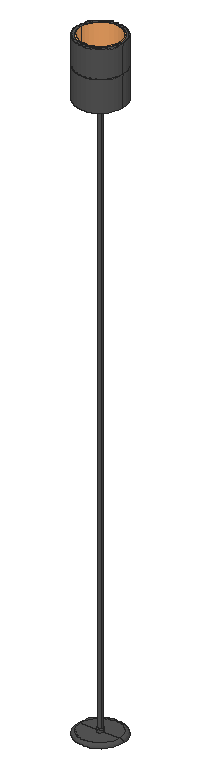
Revit family "MELO CYLINDER PENDANT LIGHT", category Lighting Fixtures, host Face, Revit 2020 (continued)
Types (16): name | Wattage_Input | Wattage Comments | Wattage | Voltage_Input | Size 08 | Size 06 | Size 04 | Selectable Wattage | Photometric Web File | Pendent Rod Length_1 | Pendent | Order number | built-in parameter 1150142 | Model | built-in parameter 1150105 | Lumens | built-in parameter 1150106 | Fixture Diameter | Canopy for Surface Mount J-box | Canopy for Recessed J-Box | Canopy Height | C2 H | C1 H | BEAMING ANGLE
     \r\n 0.15     0.15     0.15     0.15     0.15     0.15     0.16     0.17     0.20     0.23     \r\n 0.24     0.24     0.24     0.24     0.24     0.24     0.24     0.24     0.29     0.31     \r\n 0.31     0.31     0.31     0.31     0.38     0.39     0.39     0.42     0.44     0.53     \r\n 0.54     0.57     0.61     0.69     0.73     0.80     0.84     0.90     0.98     1.05     \r\n 1.13     1.24     1.33     1.43     1.54     1.64     1.77     1.92     2.09     2.30     \r\n 2.55     2.87     3.26     3.77     4.44     5.30     6.38     7.77     9.47     11.39    \r\n 13.62    15.97    18.45    20.90    23.32    25.53    27.45    29.01    30.23    30.96    \r\n 31.29    31.26    30.75    29.90    28.75    27.50    26.19    24.90    23.71    22.68    \r\n 22.70    \r\n74967.09 77269.30 77218.40 74764.04 69567.57 62307.50 54412.70 45617.76 35789.69 27945.33 \r\n 20128.74 14900.95 11157.58 8443.29  6470.16  5071.65  4039.67  3365.95  2695.61  2291.04  \r\n 1992.46  1771.44  1596.45  1450.79  1327.21  1219.88  1125.14  1037.38  961.98   886.60   \r\n 813.04   737.95   678.11   628.57   584.00   537.52   475.32   432.42   389.98   355.76   \r\n 323.42   274.75   225.96   165.87   130.65   110.88   99.40    92.18    87.19    83.25    \r\n 79.36    73.61    64.88    60.39    57.88    55.88    54.19    52.47    50.80    48.72    \r\n 46.00    43.61    41.13    38.98    36.87    34.75    32.69    30.70    28.78    26.92    \r\n 25.11    23.35    21.65    20.04    18.47    16.97    15.55    14.16    12.84    11.57    \r\n 10.39    9.22     8.12     7.05     6.04     5.10     4.17     3.29     2.42     1.61     \r\n 0.82     0.13     0.10     0.11     0.11     0.12     0.11     0.12     0.12     0.13     \r\n 0.14     0.14     0.14     0.15     0.15     0.15     0.17     0.18     0.18     0.18     \r\n 0.19     0.20     0.21     0.21     0.22     0.23     0.24     0.25     0.26     0.27     \r\n 0.28     0.29     0.30     0.31     0.34     0.36     0.39     0.42     0.44     0.49     \r\n 0.52     0.56     0.61     0.66     0.71     0.77     0.83     0.89     0.97     1.04     \r\n 1.12     1.21     1.30     1.40     1.50     1.62     1.74     1.88     2.04     2.23     \r\n 2.45     2.74     3.09     3.54     4.13     4.94     5.94     7.19     8.77     10.67    \r\n 12.79    15.12    17.59    20.09    22.53    24.80    26.83    28.57    29.88    30.76    \r\n 31.25    31.29    30.97    30.27    29.33    28.19    26.93    25.64    24.47    23.35    \r\n 22.70    \r\n75253.18 77698.98 77769.36 75505.60 70476.38 63051.41 55348.06 46637.11 36730.57 27711.86 \r\n 20420.87 15115.41 11789.67 8480.37  6539.99  5131.72  4114.70  3348.92  2763.58  2330.26  \r\n 2009.22  1772.84  1590.33  1437.89  1321.62  1205.64  1111.79  1023.20  946.50   873.69   \r\n 805.36   731.45   672.25   622.21   578.79   533.99   471.05   428.81   388.33   353.96   \r\n 322.47   293.25   228.53   167.82   139.66   111.78   100.28   92.87    87.74    83.68    \r\n 79.78    74.24    65.21    60.42    57.66    55.54    53.72    52.02    50.31    48.24    \r\n 45.68    43.35    41.20    39.12    37.00    34.91    32.85    30.84    28.94    27.07    \r\n 25.20    23.47    21.76    20.17    18.57    17.10    15.67    14.32    12.98    11.72    \r\n 10.52    9.36     8.27     7.17     6.19     5.21     4.25     3.36     2.43     1.62     \r\n 0.88     0.20     0.16     0.16     0.16     0.16     0.16     0.16     0.16     0.16     \r\n 0.16     0.16     0.16     0.16     0.16     0.16     0.16     0.17     0.17     0.19     \r\n 0.19     0.21     0.21     0.21     0.21     0.21     0.22     0.23     0.24     0.26     \r\n 0.28     0.29     0.29     0.31     0.33     0.36     0.37     0.40     0.43     0.47     \r\n 0.51     0.54     0.59     0.65     0.69     0.75     0.81     0.88     0.95     1.03     \r\n 1.10     1.18     1.28     1.39     1.49     1.60     1.72     1.86     2.02     2.23     \r\n 2.45     2.74     3.10     3.56     4.16     4.95     5.92     7.20     8.79     10.62    \r\n 12.76    15.08    17.52    20.00    22.45    24.72    26.78    28.46    29.81    30.68    \r\n 31.13    31.22    30.92    30.30    29.40    28.27    27.00    25.74    24.54    23.53    \r\n 22.70    \r\n74846.53 77662.62 78085.42 76231.50 71788.05 64521.93 56518.50 48260.44 38173.43 29831.30 \r\n 21516.51 15753.13 11702.77 8786.45  6730.34  5288.12  4243.10  3462.16  2864.42  2404.64  \r\n 2062.16  1809.70  1615.61  1456.02  1325.93  1209.54  1115.98  1024.48  946.65   876.60   \r\n 810.14   738.30   677.23   627.33   583.00   539.30   475.06   432.17   390.39   356.13   \r\n 324.60   279.74   234.69   171.60   134.09   113.20   101.30   93.58    88.16    84.02    \r\n 80.05    74.88    65.92    60.75    57.94    55.70    53.98    52.22    50.52    48.47    \r\n 46.11    43.63    41.52    39.41    37.29    35.18    33.13    31.13    29.19    27.33    \r\n 25.50    23.73    22.02    20.39    18.80    17.30    15.88    14.48    13.14    11.86    \r\n 10.67    9.48     8.39     7.28     6.27     5.31     4.38     3.47     2.60     1.76     \r\n 0.97     0.25     0.11     0.11     0.11     0.12     0.12     0.13     0.12     0.13     \r\n 0.13     0.14     0.14     0.15     0.16     0.16     0.16     0.17     0.17     0.18     \r\n 0.18     0.20     0.20     0.20     0.22     0.23     0.23     0.25     0.25     0.26     \r\n 0.28     0.28     0.30     0.31     0.32     0.35     0.38     0.41     0.44     0.47     \r\n 0.50     0.55     0.58     0.64     0.70     0.75     0.81     0.87     0.94     1.02     \r\n 1.10     1.19     1.28     1.37     1.48     1.60     1.71     1.85     2.01     2.20     \r\n 2.43     2.69     3.03     3.47     4.03     4.80     5.78     6.98     8.51     10.37    \r\n 12.46    14.75    17.20    19.68    22.15    24.42    26.51    28.29    29.63    30.57    \r\n 31.10    31.18    30.93    30.35    29.46    28.33    27.08    25.77    24.51    23.48    \r\n 22.70    \r\n75221.05 77703.34 77848.25 75677.85 70765.36 63239.40 55303.54 46479.21 36400.23 27333.62 \r\n 20097.83 14755.76 11459.44 8180.10  6284.64  4942.58  3969.23  3230.64  2685.94  2282.59  \r\n 1984.84  1754.31  1574.19  1420.36  1303.59  1187.11  1092.03  1006.95  931.25   861.15   \r\n 793.76   724.41   666.72   616.60   572.72   522.96   463.91   421.55   381.12   348.03   \r\n 316.96   288.65   220.27   163.31   136.78   110.52   99.75    92.69    87.71    83.52    \r\n 79.44    73.20    64.91    60.32    57.40    55.37    53.77    52.42    50.86    48.72    \r\n 45.99    43.71    41.22    39.12    37.02    34.94    32.85    30.88    28.95    27.09    \r\n 25.22    23.50    21.79    20.20    18.59    17.14    15.70    14.34    13.02    11.76    \r\n 10.57    9.40     8.31     7.20     6.21     5.21     4.27     3.38     2.44     1.64     \r\n 0.87     0.21     0.15     0.15     0.15     0.15     0.15     0.15     0.15     0.15     \r\n 0.15     0.15     0.15     0.15     0.15     0.16     0.16     0.16     0.17     0.19     \r\n 0.20     0.21     0.22     0.22     0.22     0.22     0.22     0.23     0.24     0.27     \r\n 0.29     0.31     0.31     0.31     0.33     0.36     0.37     0.41     0.44     0.46     \r\n 0.51     0.55     0.59     0.65     0.69     0.75     0.81     0.91     0.96     1.02     \r\n 1.11     1.19     1.29     1.40     1.49     1.61     1.74     1.88     2.05     2.24     \r\n 2.48     2.77     3.13     3.60     4.22     5.03     6.03     7.31     8.92     10.78    \r\n 12.92    15.25    17.71    20.18    22.62    24.91    26.93    28.60    29.92    30.75    \r\n 31.18    31.26    30.91    30.24    29.30    28.12    26.84    25.54    24.32    23.33    \r\n 22.70    \r\n74818.13 77177.53 77281.53 75030.66 69845.88 62402.59 54259.14 45516.52 35448.17 27578.68 \r\n 19736.40 14432.72 10696.03 8034.90  6161.36  4864.05  3911.84  3289.09  2669.21  2273.27  \r\n 1979.09  1754.81  1575.08  1424.26  1299.20  1186.68  1093.55  1007.52  932.60   862.91   \r\n 792.68   725.81   667.56   618.02   574.13   520.37   462.45   419.97   378.16   345.33   \r\n 314.59   264.45   214.27   159.83   128.22   110.39   99.68    92.61    87.54    83.26    \r\n 79.17    72.63    64.43    60.24    57.63    55.62    54.19    52.55    50.83    48.82    \r\n 46.30    43.86    41.10    39.02    36.92    34.83    32.78    30.78    28.87    27.00    \r\n 25.19    23.43    21.72    20.12    18.56    17.05    15.64    14.25    12.94    11.66    \r\n 10.48    9.30     8.18     7.11     6.12     5.15     4.21     3.30     2.43     1.61     \r\n 0.82     0.14     0.11     0.11     0.12     0.12     0.12     0.13     0.13     0.14     \r\n 0.14     0.14     0.14     0.15     0.15     0.17     0.17     0.18     0.18     0.18     \r\n 0.19     0.19     0.21     0.21     0.22     0.22     0.24     0.25     0.26     0.27     \r\n 0.28     0.29     0.30     0.33     0.34     0.37     0.40     0.43     0.45     0.48     \r\n 0.52     0.56     0.62     0.66     0.71     0.78     0.84     0.92     0.98     1.06     \r\n 1.15     1.23     1.32     1.42     1.53     1.65     1.77     1.92     2.08     2.29     \r\n 2.52     2.81     3.17     3.63     4.25     5.10     6.13     7.40     9.02     10.94    \r\n 13.08    15.42    17.90    20.38    22.83    25.08    27.10    28.80    30.04    30.90    \r\n 31.33    31.31    30.95    30.25    29.28    28.12    26.85    25.55    24.35    23.39    \r\n 22.70    \r\n75020.27 76611.88 75956.49 72722.05 66437.15 58706.77 50606.93 41285.49 31901.38 23795.69 \r\n 17365.56 13380.28 9415.94  7126.17  5540.55  4419.58  3606.48  2984.01  2514.14  2156.10  \r\n 1884.13  1674.03  1506.78  1379.60  1252.76  1149.27  1058.68  976.08   904.59   833.05   \r\n 764.27   699.91   645.13   597.07   553.05   489.91   440.87   397.21   361.15   329.38   \r\n 299.59   258.09   189.02   153.83   118.95   104.45   95.84    89.93    85.78    81.89    \r\n 77.65    68.47    62.80    59.49    56.95    55.10    53.62    52.13    50.36    48.05    \r\n 45.40    42.86    40.44    38.37    36.25    34.19    32.15    30.19    28.27    26.41    \r\n 24.56    22.87    21.19    19.63    18.05    16.61    15.20    13.87    12.55    11.32    \r\n 10.14    8.98     7.91     6.81     5.81     4.87     3.90     3.01     2.08     1.27     \r\n 0.57     0.16     0.15     0.15     0.15     0.15     0.15     0.15     0.15     0.15     \r\n 0.15     0.15     0.15     0.15     0.15     0.15     0.16     0.16     0.18     0.23     \r\n 0.24     0.24     0.24     0.24     0.24     0.24     0.24     0.24     0.26     0.31     \r\n 0.31     0.31     0.31     0.31     0.39     0.39     0.39     0.42     0.44     0.50     \r\n 0.52     0.59     0.61     0.66     0.74     0.81     0.85     0.91     0.99     1.09     \r\n 1.18     1.25     1.35     1.47     1.57     1.70     1.83     1.99     2.17     2.38     \r\n 2.65     2.97     3.38     3.92     4.61     5.48     6.62     8.05     9.79     11.75    \r\n 14.00    16.38    18.85    21.30    23.72    25.90    27.79    29.30    30.44    31.14    \r\n 31.42    31.37    30.88    30.10    29.07    27.83    26.56    25.35    24.24    23.40    \r\n 22.70    \r\n74728.99 75782.25 74436.81 70346.10 63545.92 55852.93 47681.26 38555.52 30287.52 22043.93 \r\n 16130.71 11793.62 8755.04  6642.81  5183.46  4165.89  3490.40  2817.94  2388.21  2063.80  \r\n 1814.39  1621.14  1465.39  1332.70  1221.18  1121.78  1035.22  954.27   882.91   813.24   \r\n 744.75   683.63   629.28   582.69   537.60   472.32   427.29   384.94   349.92   319.72   \r\n 279.50   239.05   175.46   136.96   114.81   102.24   94.50    89.07    85.06    81.22    \r\n 76.55    67.10    62.10    58.98    56.63    54.80    53.18    51.66    49.68    47.14    \r\n 44.41    42.21    39.95    37.88    35.79    33.72    31.70    29.75    27.87    26.01    \r\n 24.23    22.51    20.84    19.25    17.73    16.26    14.88    13.52    12.23    10.98    \r\n 9.81     8.65     7.57     6.51     5.53     4.60     3.67     2.79     1.95     1.14     \r\n 0.37     0.11     0.10     0.10     0.10     0.10     0.13     0.12     0.13     0.14     \r\n 0.13     0.14     0.14     0.15     0.15     0.17     0.17     0.17     0.18     0.18     \r\n 0.19     0.20     0.20     0.21     0.21     0.23     0.25     0.25     0.26     0.27     \r\n 0.28     0.29     0.31     0.33     0.35     0.37     0.40     0.43     0.47     0.50     \r\n 0.54     0.59     0.64     0.70     0.75     0.82     0.87     0.95     1.03     1.11     \r\n 1.20     1.30     1.40     1.51     1.62     1.75     1.89     2.05     2.24     2.46     \r\n 2.73     3.07     3.49     4.05     4.80     5.76     6.94     8.41     10.26    12.30    \r\n 14.58    16.99    19.49    21.95    24.30    26.37    28.19    29.61    30.61    31.24    \r\n 31.43    31.28    30.80    30.03    29.04    27.90    26.73    25.57    24.56    23.76    \r\n 22.70    \r\n69553.85 69389.32 66841.31 61662.08 54768.55 47589.34 39712.59 30981.42 23307.60 17117.26 \r\n 13131.77 9165.71  6843.07  5280.53  4183.63  3369.36  2762.19  2320.12  1997.07  1753.12  \r\n 1565.34  1407.21  1289.09  1171.32  1076.42  992.28   917.89   845.51   783.04   716.79   \r\n 657.81   602.51   556.03   516.16   462.81   413.60   374.99   338.20   308.41   281.65   \r\n 253.44   189.66   152.39   115.36   99.87    90.80    84.82    80.60    77.06    73.27    \r\n 66.58    59.93    56.29    53.88    51.93    50.18    48.54    46.82    44.72    42.00    \r\n 40.12    38.12    36.23    34.30    32.36    30.48    28.60    26.79    25.06    23.38    \r\n 21.70    20.19    18.65    17.24    15.82    14.52    13.23    12.01    10.84    9.71     \r\n 8.64     7.60     6.62     5.65     4.71     3.85     2.99     2.20     1.41     0.71     \r\n 0.16     0.14     0.14     0.14     0.14     0.14     0.14     0.15     0.14     0.15     \r\n 0.15     0.16     0.16     0.16     0.16     0.16     0.16     0.16     0.16     0.16     \r\n 0.18     0.18     0.19     0.21     0.22     0.22     0.22     0.22     0.23     0.24     \r\n 0.25     0.28     0.29     0.30     0.32     0.36     0.37     0.43     0.45     0.47     \r\n 0.51     0.60     0.62     0.66     0.74     0.77     0.84     0.90     0.98     1.05     \r\n 1.16     1.25     1.34     1.45     1.56     1.68     1.83     2.00     2.18     2.42     \r\n 2.71     3.09     3.55     4.16     4.96     5.94     7.22     8.77     10.58    12.58    \r\n 14.80    17.02    19.36    21.53    23.68    25.46    26.92    28.07    28.80    29.14    \r\n 29.17    28.81    28.17    27.34    26.37    25.30    24.24    23.29    22.51    22.00    \r\n 22.70    \r\n69569.05 68587.07 65103.93 59226.18 52153.71 44863.81 36437.26 28711.02 21006.43 15420.99 \r\n 11283.21 8315.22  6288.82  4889.02  3882.55  3242.24  2604.80  2202.38  1905.07  1677.47  \r\n 1499.12  1355.38  1236.16  1131.32  1042.73  962.29   890.89   822.90   757.89   692.53   \r\n 634.35   583.23   539.00   500.02   442.96   400.19   360.66   327.09   298.66   265.73   \r\n 232.47   172.12   132.02   109.37   96.53    88.75    83.44    79.61    75.97    71.88    \r\n 63.41    58.25    55.25    52.95    51.13    49.43    47.88    46.09    43.93    41.34    \r\n 39.53    37.52    35.60    33.68    31.76    29.90    28.06    26.27    24.54    22.86    \r\n 21.24    19.68    18.18    16.74    15.37    14.05    12.79    11.56    10.41    9.29     \r\n 8.23     7.19     6.24     5.32     4.42     3.57     2.74     1.94     1.20     0.46     \r\n 0.09     0.10     0.10     0.11     0.10     0.10     0.11     0.12     0.12     0.12     \r\n 0.13     0.13     0.14     0.14     0.14     0.14     0.15     0.16     0.17     0.17     \r\n 0.19     0.19     0.20     0.20     0.21     0.22     0.23     0.24     0.25     0.26     \r\n 0.27     0.28     0.30     0.32     0.35     0.37     0.40     0.43     0.46     0.50     \r\n 0.55     0.59     0.64     0.70     0.75     0.81     0.88     0.95     1.03     1.11     \r\n 1.20     1.29     1.39     1.50     1.62     1.74     1.88     2.06     2.25     2.51     \r\n 2.81     3.20     3.71     4.35     5.26     6.34     7.68     9.32     11.23    13.29    \r\n 15.53    17.81    20.12    22.29    24.28    25.98    27.33    28.34    28.97    29.18    \r\n 29.05    28.58    27.83    26.82    25.74    24.63    23.56    22.62    21.96    21.53    \r\n 22.70    \r\n69593.24 67344.42 62455.82 55783.01 48581.30 40543.51 31945.27 24110.38 1781
    1.61 13657.90 \r\n 9523.60  7140.37  5485.00  4329.39  3480.26  2844.77  2374.08  2028.18  1767.09  1565.51  \r\n 1404.89  1288.48  1172.46  1076.81  995.01   918.75   854.69   786.05   722.40   658.18   \r\n 604.62   557.59   517.87   473.72   418.70   381.68   342.40   312.10   285.11   260.06   \r\n 201.73   150.82   119.49   102.31   92.36    85.94    81.55    77.88    74.04    68.29    \r\n 60.28    56.29    53.78    51.82    50.14    48.56    47.08    45.29    42.99    40.89    \r\n 38.55    36.60    34.68    32.73    30.82    28.98    27.11    25.37    23.66    22.02    \r\n 20.43    18.93    17.46    16.09    14.71    13.46    12.21    11.05    9.90     8.81     \r\n 7.78     6.77     5.84     4.88     3.97     3.14     2.32     1.56     0.79     0.19     \r\n 0.14     0.14     0.14     0.14     0.14     0.14     0.14     0.14     0.15     0.15     \r\n 0.15     0.15     0.15     0.15     0.15     0.15     0.15     0.16     0.16     0.17     \r\n 0.19     0.20     0.21     0.22     0.22     0.22     0.22     0.23     0.27     0.30     \r\n 0.29     0.30     0.31     0.32     0.36     0.37     0.41     0.44     0.47     0.51     \r\n 0.57     0.60     0.66     0.71     0.77     0.83     0.90     0.98     1.05     1.14     \r\n 1.24     1.33     1.43     1.55     1.66     1.80     1.96     2.15     2.37     2.66     \r\n 3.03     3.49     4.08     4.87     5.83     7.07     8.62     10.38    12.35    14.55    \r\n 16.84    19.07    21.34    23.43    25.30    26.80    27.98    28.76    29.16    29.23    \r\n 28.90    28.26    27.34    26.26    25.09    24.02    23.04    22.20    21.59    21.25    \r\n 22.70    \r\n75349.20 71810.34 65476.43 57886.38 49343.84 39905.33 30626.15 23136.49 16985.65 13142.47 \r\n 9326.60  7101.95  5518.13  4384.92  3543.17  2905.78  2450.53  2111.98  1854.03  1652.80  \r\n 1490.67  1368.67  1247.14  1147.50  1060.78  984.55   911.13   837.18   764.85   700.17   \r\n 644.84   597.62   554.62   496.34   445.63   403.41   364.80   332.79   303.69   269.26   \r\n 199.30   151.99   123.32   107.84   98.65    92.37    87.94    83.89    79.45    70.64    \r\n 64.13    60.54    58.00    56.03    54.39    52.69    50.96    48.88    46.12    44.07    \r\n 41.48    39.38    37.23    35.13    33.04    31.01    29.06    27.15    25.29    23.50    \r\n 21.79    20.14    18.56    17.06    15.62    14.23    12.91    11.62    10.41    9.25     \r\n 8.11     7.03     6.02     5.01     4.08     3.13     2.25     1.43     0.63     0.17     \r\n 0.16     0.16     0.16     0.16     0.16     0.16     0.16     0.16     0.16     0.16     \r\n 0.16     0.16     0.16     0.17     0.18     0.20     0.20     0.21     0.22     0.21     \r\n 0.22     0.23     0.25     0.24     0.25     0.26     0.28     0.29     0.29     0.29     \r\n 0.31     0.32     0.37     0.37     0.40     0.44     0.46     0.51     0.53     0.59     \r\n 0.63     0.68     0.75     0.83     0.88     0.95     1.04     1.10     1.18     1.25     \r\n 1.34     1.46     1.55     1.66     1.80     1.95     2.13     2.35     2.60     2.95     \r\n 3.35     3.89     4.59     5.46     6.55     7.91     9.55     11.36    13.33    15.44    \r\n 17.62    19.80    21.94    23.95    25.66    27.15    28.38    29.29    29.87    30.10    \r\n 30.06    29.54    28.66    27.51    26.21    24.95    23.79    22.82    22.10    21.74    \r\n 22.70    \r\n75384.20 71218.53 64377.40 56438.59 47559.87 37784.98 29737.81 21713.53 15978.33 11815.61 \r\n 8810.06  6731.89  5267.76  4186.34  3485.00  2786.20  2363.90  2047.98  1810.83  1617.05  \r\n 1466.25  1335.44  1224.21  1127.48  1043.17  970.12   894.44   822.43   749.04   686.61   \r\n 633.92   588.21   545.82   483.83   436.95   394.77   358.76   326.73   290.09   253.16   \r\n 187.35   144.28   119.31   105.24   96.62    90.74    86.42    82.26    77.57    68.46    \r\n 62.90    59.71    57.26    55.47    53.87    52.40    50.71    48.31    45.57    43.28    \r\n 40.77    38.69    36.54    34.46    32.37    30.39    28.45    26.59    24.78    23.02    \r\n 21.32    19.71    18.16    16.62    15.24    13.82    12.52    11.26    10.05    8.91     \r\n 7.78     6.72     5.70     4.74     3.82     2.92     2.07     1.24     0.47     0.11     \r\n 0.11     0.11     0.11     0.11     0.11     0.11     0.12     0.14     0.14     0.15     \r\n 0.15     0.16     0.16     0.18     0.18     0.19     0.19     0.20     0.20     0.21     \r\n 0.21     0.22     0.23     0.23     0.25     0.26     0.27     0.28     0.28     0.30     \r\n 0.32     0.35     0.36     0.38     0.41     0.43     0.48     0.52     0.56     0.60     \r\n 0.65     0.71     0.77     0.83     0.89     0.97     1.04     1.11     1.19     1.28     \r\n 1.38     1.47     1.58     1.70     1.83     1.99     2.17     2.39     2.66     3.01     \r\n 3.44     3.98     4.74     5.68     6.84     8.24     9.94     11.81    13.85    15.99    \r\n 18.18    20.38    22.47    24.38    26.09    27.53    28.62    29.45    29.98    30.10    \r\n 29.92    29.33    28.41    27.22    25.89    24.63    23.48    22.51    21.90    21.73    \r\n 22.70    \r\n74967.09 69803.63 62231.06 54031.20 44570.75 34906.04 26344.44 19611.94 14287.90 11095.64 \r\n 7928.60  6125.65  4832.00  3881.06  3151.46  2613.75  2232.98  1946.39  1727.01  1550.60  \r\n 1397.66  1285.12  1179.11  1084.93  1003.32  934.43   859.00   789.95   718.04   660.33   \r\n 610.74   568.07   523.80   459.80   419.82   379.19   345.08   314.96   286.39   229.79   \r\n 170.08   141.56   113.42   101.63   94.04    88.84    84.77    80.54    75.11    66.32    \r\n 61.39    58.42    56.31    54.64    53.15    51.55    49.68    47.24    44.68    42.01    \r\n 39.88    37.77    35.65    33.59    31.57    29.59    27.69    25.81    24.02    22.30    \r\n 20.67    19.07    17.53    16.08    14.68    13.33    12.05    10.81    9.63     8.51     \r\n 7.42     6.37     5.39     4.42     3.50     2.60     1.75     0.97     0.26     0.16     \r\n 0.16     0.16     0.16     0.16     0.16     0.16     0.16     0.16     0.16     0.16     \r\n 0.16     0.16     0.16     0.16     0.17     0.20     0.21     0.21     0.22     0.22     \r\n 0.22     0.22     0.23     0.23     0.24     0.28     0.31     0.31     0.31     0.31     \r\n 0.32     0.38     0.38     0.39     0.44     0.45     0.47     0.51     0.57     0.61     \r\n 0.65     0.76     0.77     0.83     0.91     0.97     1.04     1.12     1.20     1.29     \r\n 1.39     1.49     1.60     1.72     1.87     2.04     2.24     2.49     2.79     3.19     \r\n 3.69     4.31     5.13     6.12     7.42     8.95     10.74    12.64    14.75    16.92    \r\n 19.11    21.26    23.32    25.15    26.69    27.98    28.99    29.67    30.04    30.09    \r\n 29.76    29.04    28.02    26.78    25.55    24.40    23.31    22.49    22.08    22.01    \r\n 22.70    \r\n75253.18 69939.60 62232.06 53801.45 44344.86 34707.99 27052.08 19420.14 14184.22 10456.88 \r\n 7844.89  6048.27  4799.36  3874.22  3254.93  2637.72  2245.20  1943.51  1722.60  1546.55  \r\n 1400.81  1276.36  1169.08  1074.74  994.25   920.36   849.06   780.34   710.08   654.57   \r\n 605.25   561.84   518.77   454.59   414.68   374.82   341.83   310.87   267.78   224.55   \r\n 166.19   131.12   111.33   100.14   92.82    87.69    83.64    79.55    73.90    65.31    \r\n 60.62    57.85    55.79    54.13    52.54    50.85    48.99    46.58    44.08    41.64    \r\n 39.54    37.46    35.32    33.28    31.23    29.31    27.43    25.59    23.83    22.14    \r\n 20.47    18.88    17.39    15.89    14.53    13.16    11.88    10.67    9.49     8.37     \r\n 7.26     6.24     5.27     4.34     3.43     2.56     1.73     0.93     0.21     0.12     \r\n 0.12     0.12     0.12     0.13     0.13     0.13     0.14     0.14     0.14     0.15     \r\n 0.15     0.16     0.17     0.18     0.18     0.19     0.19     0.20     0.21     0.21     \r\n 0.22     0.22     0.24     0.25     0.26     0.26     0.27     0.28     0.29     0.33     \r\n 0.33     0.34     0.37     0.40     0.42     0.45     0.49     0.53     0.57     0.63     \r\n 0.66     0.72     0.78     0.85     0.92     0.98     1.05     1.13     1.21     1.30     \r\n 1.39     1.49     1.61     1.73     1.89     2.06     2.26     2.50     2.80     3.19     \r\n 3.67     4.29     5.16     6.19     7.49     9.01     10.86    12.80    14.92    17.10    \r\n 19.30    21.47    23.48    25.28    26.85    28.11    29.07    29.74    30.09    30.04    \r\n 29.70    29.01    28.04    26.94    25.81    24.69    23.65    22.91    22.49    22.44    \r\n 22.70    \r\n74846.53 69159.47 61160.33 52678.38 43122.51 33599.97 25141.76 18604.50 13486.08 9950.69  \r\n 7464.79  5785.92  4597.19  3728.98  3063.59  2553.75  2186.83  1902.29  1689.01  1518.30  \r\n 1387.85  1257.88  1153.39  1059.65  984.76   908.86   836.87   768.07   699.61   644.90   \r\n 597.08   555.44   505.89   446.51   406.84   367.90   334.77   305.07   277.06   212.53   \r\n 158.17   133.19   108.58   98.18    91.45    86.75    82.84    78.79    72.45    64.20    \r\n 60.06    57.28    55.34    53.68    52.11    50.50    48.40    45.60    43.39    41.16    \r\n 39.05    36.97    34.88    32.82    30.83    28.89    27.02    25.18    23.43    21.73    \r\n 20.14    18.56    17.06    15.64    14.25    12.94    11.69    10.47    9.30     8.20     \r\n 7.14     6.12     5.16     4.20     3.28     2.41     1.59     0.83     0.20     0.17     \r\n 0.16     0.16     0.16     0.16     0.16     0.16     0.16     0.16     0.16     0.16     \r\n 0.16     0.16     0.17     0.17     0.19     0.23     0.24     0.24     0.24     0.24     \r\n 0.24     0.24     0.24     0.24     0.24     0.27     0.29     0.29     0.29     0.30     \r\n 0.32     0.37     0.37     0.38     0.42     0.44     0.49     0.52     0.59     0.62     \r\n 0.67     0.73     0.78     0.83     0.90     0.97     1.04     1.12     1.21     1.30     \r\n 1.41     1.50     1.61     1.76     1.90     2.08     2.29     2.55     2.86     3.28     \r\n 3.81     4.48     5.36     6.42     7.80     9.43     11.27    13.25    15.39    17.59    \r\n 19.77    21.88    23.92    25.64    27.10    28.33    29.20    29.78    30.02    29.99    \r\n 29.60    28.91    28.02    26.99    25.91    24.86    23.93    23.24    22.76    22.62    \r\n 22.70    \r\n75221.05 69976.73 62237.02 53840.81 44602.84 35057.57 27292.93 19553.10 14293.24 10502.94 \r\n 7840.58  6038.14  4767.59  3840.67  3233.95  2629.32  2252.58  1958.87  1739.94  1563.03  \r\n 1418.50  1291.86  1184.77  1088.69  1007.79  934.14   859.57   791.48   718.36   661.93   \r\n 612.41   569.23   523.56   459.22   418.47   376.42   343.63   312.40   267.66   222.79   \r\n 164.20   129.98   110.71   99.74    92.57    87.50    83.42    79.53    74.02    65.05    \r\n 60.31    57.60    55.57    53.90    52.24    50.73    48.90    46.49    43.90    41.34    \r\n 39.15    37.09    34.96    32.93    30.89    29.00    27.14    25.33    23.58    21.90    \r\n 20.25    18.70    17.21    15.73    14.38    13.03    11.77    10.57    9.39     8.30     \r\n 7.20     6.20     5.24     4.31     3.40     2.54     1.72     0.93     0.22     0.12     \r\n 0.12     0.12     0.12     0.13     0.13     0.14     0.14     0.14     0.15     0.16     \r\n 0.16     0.16     0.17     0.18     0.18     0.19     0.20     0.20     0.21     0.21     \r\n 0.22     0.23     0.23     0.24     0.25     0.26     0.27     0.28     0.30     0.31     \r\n 0.33     0.35     0.37     0.40     0.42     0.45     0.49     0.52     0.57     0.62     \r\n 0.66     0.72     0.78     0.84     0.90     0.97     1.04     1.12     1.20     1.29     \r\n 1.38     1.49     1.60     1.72     1.86     2.04     2.24     2.49     2.79     3.17     \r\n 3.65     4.28     5.17     6.40     7.69     9.13     11.00    13.04    15.04    17.19    \r\n 19.38    21.53    23.53    25.34    26.88    28.14    29.09    29.76    30.10    30.05    \r\n 29.74    29.13    28.29    27.19    26.05    24.89    23.80    22.91    22.35    22.28    \r\n 22.70    \r\n74818.13 69774.28 62166.01 53951.87 44782.84 35416.54 26673.97 19809.86 14414.94 11161.12 \r\n 7932.61  6109.28  4815.41  3881.35  3182.42  2662.39  2283.67  1991.49  1769.69  1593.26  \r\n 1445.48  1327.35  1209.57  1112.31  1030.61  952.65   877.78   806.61   730.25   672.74   \r\n 621.98   577.92   529.76   464.80   422.83   381.31   347.24   316.56   287.93   226.30   \r\n 166.83   139.05   111.67   100.27   93.19    88.10    84.15    80.20    74.62    65.40    \r\n 60.40    57.50    55.49    53.81    52.20    50.69    48.95    46.40    44.03    41.25    \r\n 39.11    37.03    34.93    32.89    30.90    28.96    27.09    25.26    23.51    21.84    \r\n 20.24    18.68    17.19    15.78    14.40    13.09    11.83    10.62    9.46     8.35     \r\n 7.28     6.28     5.32     4.36     3.47     2.58     1.75     0.98     0.27     0.17     \r\n 0.16     0.16     0.16     0.16     0.16     0.16     0.16     0.16     0.16     0.16     \r\n 0.16     0.16     0.17     0.18     0.20     0.20     0.21     0.21     0.22     0.22     \r\n 0.22     0.22     0.23     0.24     0.25     0.30     0.31     0.32     0.31     0.31     \r\n 0.32     0.39     0.39     0.40     0.45     0.45     0.49     0.52     0.58     0.60     \r\n 0.66     0.71     0.76     0.82     0.91     0.95     1.04     1.10     1.18     1.27     \r\n 1.37     1.47     1.59     1.71     1.85     2.02     2.22     2.47     2.77     3.16     \r\n 3.67     4.31     5.23     6.58     7.90     9.26     11.12    13.01    14.94    17.11    \r\n 19.29    21.43    23.46    25.27    26.77    28.04    29.04    29.70    30.01    30.03    \r\n 29.69    29.01    28.09    27.01    25.84    24.76    23.75    22.95    22.46    22.36    \r\n 22.70    \r\n" | "MELO08R-SP30801-10D-15-GD-BK" | 477.33 (stored number, unit not read) | 6000 lm | 4.7733 (stored number, unit not read) | 0' - 7 205/256" | no | yes | 0' - 0 1/2" | 0' - 3 115/128" | 0' - 3 205/256" | 15.00°
